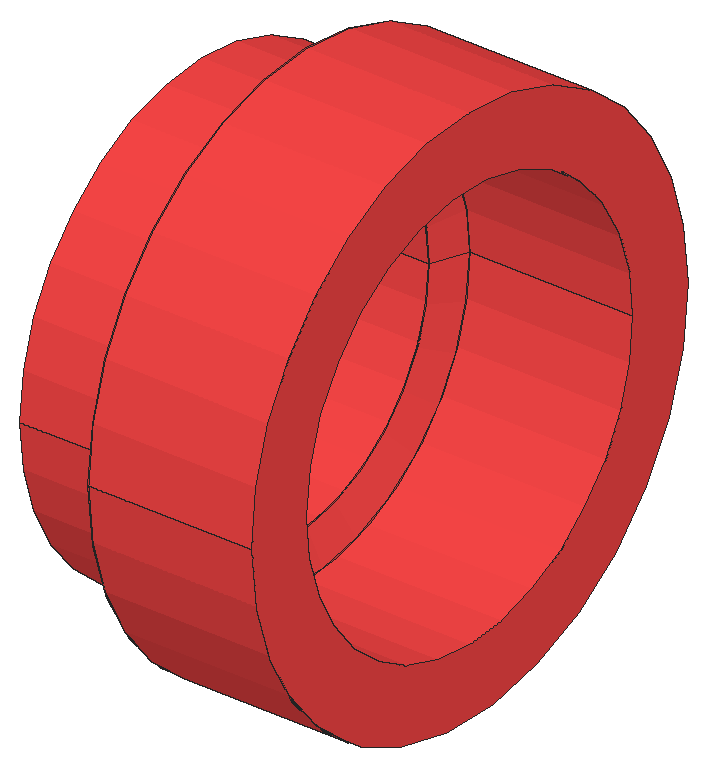
Revit family "Aquatherm_Переходная муфта внутр._внутр", category Соединительные детали трубопроводов, Revit 2019
Family settings
  Размер круглого соединителя = Использовать диаметр
  Тип детали = Переход
  На основе рабочей плоскости = Нет
  Всегда вертикально = Да
  При загрузке вырезать с полостями = Нет
  Общий = Нет
Parameters
  Материал_Корпус = AquaTherm red pipe
  z [instance] = size_lookup("Переходная муфта", "z", 10 mm, d, d1)  # 3 mm
  l1 [instance] = if(d < d1, L - l - z, l)  # 20 mm
  l [instance] = size_lookup("Переходная муфта", "l", 25 mm, d, d1)  # 36 mm
  URL = "www.agpipe.ru"
  L [instance] = size_lookup("Переходная муфта", "L", 50 mm, d, d1)  # 59 mm
  d1 [instance] = 90 mm
  d [instance] = 75 mm
  D1 [instance] = size_lookup("Переходная муфта", "D1", d1 + 12 mm, d, d1)  # 120 mm
  D [instance] = size_lookup("Переходная муфта", "D", d + 12 mm, d, d1)  # 100 mm
  ADSK_Примечание = ""
  ADSK_Позиция [instance] = ""
  ADSK_Обозначение = ""
  ADSK_Наименование [instance] = size_lookup("Переходная муфта", "ADSK_Наименование", "Нет в каталоге", d, d1)  # "Переходная муфта/B1 DN75/90"
  ADSK_Масса_Текст [instance] = size_lookup("Переходная муфта", "ADSK_Масса_Текст", "Нет в каталоге", d, d1)  # "0.297"
  ADSK_Код изделия [instance] = size_lookup("Переходная муфта", "ADSK_Код изделия", "Нет в каталоге", d, d1)  # "4111253"
  ADSK_Завод-изготовитель = "Aquatherm"  # constant formula
  ADSK_Единица измерения = "шт."  # constant formula
Reference planes
  plane 1 "По центру (Вперед/Назад)": y = 0
  plane 2: z = 0
  plane 3 "По центру (Влево/Вправо)": x = 0
  plane 4: z = -2
  plane 5: x = -29.5
  plane 6: x = 29.5
  plane 7: x = -9.5
  plane 8: x = -6.5
Forms (mm)
  Extrusion 1, solid, material "AquaTherm red pipe" <- "Материал_Корпус"
    sketch origin (0, 0, 0) x (0, 1, 0) y (0, 0, 1)
      loop
        circle (0, 0) r 50
      loop
        circle (0, 0) r 37.5
    from -29.5 to -9.5
  Extrusion 2, solid, material "AquaTherm red pipe" <- "Материал_Корпус"
    sketch origin (0, 0, 0) x (0, 1, 0) y (0, 0, 1)
      loop
        circle (0, 0) r 60
      loop
        circle (0, 0) r 45
    from -6.5 to 29.5
  Blend 3, solid, material "AquaTherm red pipe" <- "Материал_Корпус"
    base sketch origin (0, 0, 0) x (0, 1, 0) y (0, 0, 1)
      loop
        circle (0, 0) r 50
    top sketch origin (0, 0, 0) x (0, 1, 0) y (0, 0, 1)
      loop
        circle (0, 0) r 60
    from -9.5 to -6.5
  Blend 4, void
    base sketch origin (0, 0, 0) x (0, 1, 0) y (0, 0, 1)
      loop
        circle (0, 0) r 37.5
    top sketch origin (0, 0, 0) x (0, 1, 0) y (0, 0, 1)
      loop
        circle (0, 0) r 45
    from -9.5 to -6.5
Cuts and joins
  Blend 4 cuts Extrusion 2
  Blend 4 cuts Blend 3
Lines and regions (mm)
  reference lines
    curve 1: line (-9.5, 0, 0) -> (-6.5, 0, 0)
Dimensions and locks
  locked: level to plane 4 at 2
  equal spacing: plane 5, plane 3 "По центру (Влево/Вправо)", plane 6
  "L": plane 5 to plane 6
  "l1": plane 5 to plane 7
  "z": plane 7 to plane 8
  "D": diameter of Extrusion 1 sketch curve
  "d": diameter of Extrusion 1 sketch curve
  "d1": diameter of Extrusion 2 sketch curve
  "D1": diameter of Extrusion 2 sketch curve
  "D": diameter of Blend 3 sketch curve
  "D1": diameter of Blend 3 sketch curve
  "d": diameter of Blend 4 sketch curve
  "d1": diameter of Blend 4 sketch curve
  aligned and locked: level to plane 2
  aligned and locked: plane 7 to curve 1
  aligned and locked: plane 8 to curve 1
  aligned and locked: Extrusion 1 to plane 5
  aligned and locked: plane 7 to Extrusion 1
  aligned and locked: Extrusion 2 to plane 6
  aligned and locked: Extrusion 2 to plane 8
  aligned and locked: Blend 3 to plane 7
  aligned and locked: plane 8 to Blend 3
  aligned and locked: Blend 4 to plane 7
  aligned and locked: plane 8 to Blend 4
Automatic sketch dimensions
  plane 1 "По центру (Вперед/Назад)" to curve 1 = 0 mm
  Extrusion 1 sketch curve to Extrusion 1 sketch curve = 0 mm  (x2)
  Extrusion 1 sketch curve to level = 0 mm
  Extrusion 1 sketch curve to plane 1 "По центру (Вперед/Назад)" = 0 mm
  Extrusion 2 sketch curve to Extrusion 2 sketch curve = 0 mm  (x2)
  Extrusion 2 sketch curve to level = 0 mm
  Extrusion 2 sketch curve to plane 1 "По центру (Вперед/Назад)" = 0 mm
  Blend 3 sketch curve to level = 0 mm  (x2)
  Blend 3 sketch curve to plane 1 "По центру (Вперед/Назад)" = 0 mm  (x2)
  Blend 4 sketch curve to level = 0 mm  (x2)
  Blend 4 sketch curve to plane 1 "По центру (Вперед/Назад)" = 0 mm  (x2)
Connectors
  piping at (-9.5, 0, 0), diameter 75, driven by "d"
    settings: on curve 1, index 1, connector inside diameter 609.6 mm, connector length 0 mm, flow factor 0, pipe flow 0.0 L/s, pressure drop 0.0 Pa, fitting loss kfactor 0, connector angle 0.00°, fixture units 0, engagement length 0 mm, angle of deflection 0.00°, flow configuration 0, flow direction 0, fitting loss method 0, system type 28, joint type 0, gender type 0, connector reference index 2, connector utility 0, adjustable connector no, is connector primary yes, connector description ""
  piping at (-6.5, 0, 0), diameter 90, driven by "d1"
    settings: on curve 1, index 2, connector inside diameter 609.6 mm, connector length 0 mm, flow factor 0, pipe flow 0.0 L/s, pressure drop 0.0 Pa, fitting loss kfactor 0, connector angle 0.00°, fixture units 0, engagement length 0 mm, angle of deflection 0.00°, flow configuration 0, flow direction 0, fitting loss method 0, system type 28, joint type 0, gender type 0, connector reference index 1, connector utility 0, adjustable connector no, is connector primary no, connector description ""
